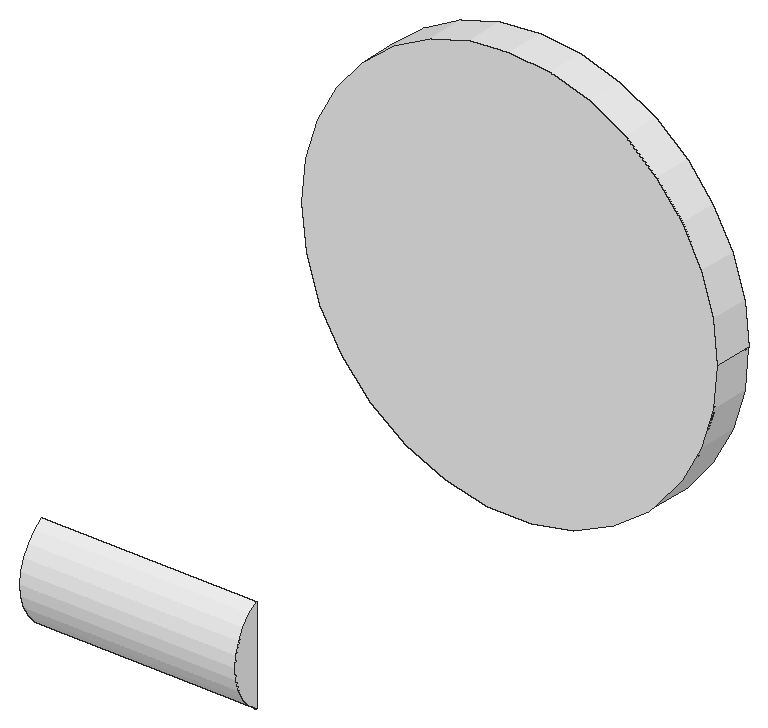
Revit family "Deca_Torneira para jardim e tanque com adaptador de mangueira_Torneira Uso Geral_1153.37", category Plumbing Fixtures, host Face, Revit 2019
Family settings
  Host = Face
  Round Connector Dimension = Use Radius
  Part Type = Normal
  Cut with Voids When Loaded = No
  Shared = No
  Room Calculation Point = No
Parameters (values of type "1153.C37_Cromado")
  Vazão na Pressão mín. (L/min) = "11 l/min"
  Vazão na Pressão máx. (L/min) = "41 l/min"
  URL = "www.deca.com.br"
  Tipo de rosca de saída = "-"
  Tipo de rosca de entrada = "BSP NBR 8133"
  Tipo de mecanismo utilizado = "Mecanismo de Vedação Substituível"
  Tipo de dispositivo economizador = "Não"
  Segmento = "Banheiro Competitivo"
  Saída de Esgoto = "-"
  Raio Água Fria = 7.5 mm  # constant formula
  Pressão mín. funcionamento = "2 MCA"
  Pressão mín. Aquec. Passagem = "-"
  Pressão mín. Aquec. Acúmulo = "-"
  Pressão máx. funcionamento = "40 MCA"
  Peso Líquido (Kg) = 0.416
  Norma = "NBR10281"
  Model = "1153.C37"
  Material = Deca_Cromado
  Manufacturer = "Deca"
  Linha = "Torneira Uso Geral"
  Itens de Instalação = "-"
  Informações Complementares = "-"
  Description = "Torneira para jardim e tanque com adaptador de mangueira"
  Default Elevation = 110 mm
  Diâmetro Água Fria = Raio Água Fria * 2  # 15 mm
  Código Pai = "1153.37"
  Criado por = "quattroD"
  Cores Componente = "-"
  Cor Secundária = "-"
  Cor Principal = "Cromado"
  Cor Interna = "-"
  Consumo = "-"
  Composição Componente = "-"
  Composição Básica = "Liga de Cobre (bronze e latão),Plásticos de Engenharia,Elastômeros"
  Composição Assento = "-"
  Composição Anel Vedação = "-"
  Categoria = "METAIS PARA AREA SERVICO"
  Atendimento ao Cliente = "0800-0117073"
  Aprovado por = "quattroD"
  Acompanha o Produto = "-"
Reference planes
  plane 1 "Center (Front/Back)": y = 0
  plane 2: z = 0
  plane 3 "Center (Left/Right)": x = 0
Forms (mm)
  Extrusion 1, solid, material "Deca_Cromado"
    sketch origin (-44.829, 166.757, -19.789) x (1, 0, 0) y (0, 0, 1)
      loop
        circle (44.829, 74.661) r 11.401
    from 124.973 to 127.056
  Extrusion 2, solid, material "Deca_Cromado"
    sketch origin (0, 0.156, 0) x (0, 1, 0) y (0, 0, 1)
      loop
        arc (7.49, 57.473) -> (5.993, 54.855) -> (7.49, 52.236) r 3.038
        line (7.49, 52.236) -> (7.49, 57.473)
    from 0 to 11.75
Lines and regions (mm)
  Masking region 1
    outline origin (0, 0, 0) x (1, 0, 0) y (0, 1, 0)
      loop
        line (-12, 53.253) -> (-33, 53.253) -> (-33, 42.253) -> (-12, 42.253)
        arc (-12, 42.253) -> (-11.268, 40.485) -> (-9.5, 39.753) r 2.5
        line (-9.5, 39.753) -> (-6.25, 39.753) -> (-6.25, 36.088) -> (-11.1, 36.003) -> (-11.1, 30.153) -> (-12.25, 30.153) -> (-12.25, 23.122)
        arc (-12.25, 23.122) -> (-24.961, -0.074) -> (-9.732, -21.7) r 25
        line (-9.732, -21.7) -> (-9.732, -23.082)
        arc (-9.732, -23.082) -> (-11.981, -24.225) -> (-13.412, -26.304) r 5.123
        arc (-13.412, -26.304) -> (-14.446, -27.245) -> (-14.9, -28.566) r 2.819
        arc (-14.9, -28.566) -> (-15.317, -29.571) -> (-15.46, -30.649) r 4.158
        line (-15.46, -30.649) -> (-15.46, -38.873)
        arc (-15.46, -38.873) -> (-15.053, -40.5) -> (-13.93, -41.746) r 3.462
        arc (-13.93, -41.746) -> (-10.317, -43.625) -> (-6.374, -44.649) r 18.104
        line (-6.374, -44.649) -> (-5.957, -45.735)
        arc (-5.957, -45.735) -> (-6.336, -46.223) -> (-6.381, -46.839) r 1.063
        line (-6.381, -46.839) -> (-5.845, -49.203)
        arc (-5.845, -49.203) -> (-6.325, -49.819) -> (-6.381, -50.598) r 1.344
        line (-6.381, -50.598) -> (-5.827, -53.04)
        arc (-5.827, -53.04) -> (-6.34, -53.64) -> (-6.361, -54.429) r 1.182
        line (-6.361, -54.429) -> (-5.516, -57.028)
        arc (-5.516, -57.028) -> (-5.235, -57.707) -> (-4.556, -57.988) r 0.96
        arc (-4.556, -57.988) -> (0.122, -58.781) -> (4.764, -57.796) r 12.661
        arc (4.764, -57.796) -> (5.297, -57.566) -> (5.516, -57.028) r 0.768
        line (5.516, -57.028) -> (6.361, -54.429)
        arc (6.361, -54.429) -> (6.34, -53.64) -> (5.827, -53.04) r 1.182
        line (5.827, -53.04) -> (6.381, -50.598)
        arc (6.381, -50.598) -> (6.325, -49.819) -> (5.845, -49.203) r 1.344
        line (5.845, -49.203) -> (6.381, -46.839)
        arc (6.381, -46.839) -> (6.336, -46.223) -> (5.957, -45.735) r 1.063
        line (5.957, -45.735) -> (6.345, -44.724)
        arc (6.345, -44.724) -> (10.246, -43.792) -> (13.742, -41.828) r 14.502
        arc (13.742, -41.828) -> (14.929, -40.852) -> (15.313, -39.364) r 2.48
        line (15.313, -39.364) -> (15.46, -30.657)
        arc (15.46, -30.657) -> (15.327, -29.572) -> (14.9, -28.566) r 3.933
        arc (14.9, -28.566) -> (14.446, -27.245) -> (13.412, -26.304) r 2.819
        arc (13.412, -26.304) -> (11.931, -24.283) -> (9.732, -23.082) r 5.756
        line (9.732, -23.082) -> (9.732, -21.7)
        arc (9.732, -21.7) -> (24.961, -0.074) -> (12.25, 23.122) r 25
        line (12.25, 23.122) -> (12.25, 30.153) -> (11.1, 30.153) -> (11.1, 36.062) -> (6.25, 36.062) -> (6.25, 39.753) -> (9.5, 39.753)
        arc (9.5, 39.753) -> (11.268, 40.485) -> (12, 42.253) r 2.5
        line (12, 42.253) -> (33, 42.253) -> (33, 53.253) -> (12, 53.253)
        arc (12, 53.253) -> (11.803, 54.834) -> (10.5, 55.753) r 1.97
        line (10.5, 55.753) -> (8.5, 55.753)
        arc (8.5, 55.753) -> (9, 56.253) -> (8.5, 56.753) r 0.5
        arc (8.5, 56.753) -> (0, 57.302) -> (-8.5, 56.753) r 66
        arc (-8.5, 56.753) -> (-9, 56.253) -> (-8.5, 55.753) r 0.5
        line (-8.5, 55.753) -> (-10.075, 55.753)
        arc (-10.075, 55.753) -> (-11.698, 55.011) -> (-12, 53.253) r 1.909
  Masking region 2
    outline origin (0, 0, 0) x (1, 0, 0) y (0, 0, 1)
      loop
        line (11.788, 10.459) -> (11.788, 49.237) -> (33, 49.237) -> (33, 60.3) -> (11.788, 60.3)
        arc (11.788, 60.3) -> (11.639, 72.024) -> (10.737, 83.713) r 182.097
        arc (10.737, 83.713) -> (15.846, 96.778) -> (8.699, 108.848) r 16.002
        arc (8.699, 108.848) -> (3.112, 111.124) -> (-2.921, 111.097) r 15.518
        arc (-2.921, 111.097) -> (-15.155, 99.782) -> (-10.737, 83.714) r 16.037
        arc (-10.737, 83.714) -> (-11.57, 72.021) -> (-11.788, 60.3) r 223.263
        line (-11.788, 60.3) -> (-33, 60.3) -> (-33, 49.3) -> (-11.8, 49.3) -> (-11.8, 10.459) -> (-13.87, 10.459) -> (-24.052, 6.428)
        arc (-24.052, 6.428) -> (-24.741, 5.876) -> (-25, 5.033) r 1.5
        line (-25, 5.033) -> (-25, 0) -> (25, 0) -> (25, 5.033)
        arc (25, 5.033) -> (24.741, 5.876) -> (24.052, 6.428) r 1.5
        line (24.052, 6.428) -> (13.87, 10.459) -> (11.788, 10.459)
  Masking region 3
    outline origin (0, 0, 0) x (0, 1, 0) y (0, 0, 1)
      loop
        arc (53.253, 42.8) -> (54.888, 42.908) -> (55.753, 44.3) r 1.793
        line (55.753, 44.3) -> (55.753, 46.507)
        arc (55.753, 46.507) -> (56.266, 45.994) -> (56.779, 46.507) r 0.513
        arc (56.779, 46.507) -> (57.302, 54.816) -> (56.775, 63.125) r 66
        arc (56.775, 63.125) -> (56.329, 63.591) -> (55.753, 63.3) r 0.542
        line (55.753, 63.3) -> (55.753, 64.875)
        arc (55.753, 64.875) -> (55.011, 66.498) -> (53.253, 66.8) r 1.909
        line (53.253, 66.8) -> (53.253, 87.8) -> (42.253, 87.8) -> (42.253, 66.8)
        arc (42.253, 66.8) -> (40.485, 66.068) -> (39.753, 64.3) r 2.5
        line (39.753, 64.3) -> (39.753, 61.05) -> (36.253, 61.05) -> (36.253, 66.05)
        arc (36.253, 66.05) -> (35.96, 66.757) -> (35.253, 67.05) r 1
        line (35.253, 67.05) -> (21.229, 67.05) -> (21.229, 65.906) -> (20.329, 65.906) -> (20.329, 67.3)
        arc (20.329, 67.3) -> (14.176, 68.975) -> (10.127, 73.901) r 10.5
        arc (10.127, 73.901) -> (-1.545, 90.161) -> (-19.464, 99.079) r 41.565
        spline (-19.464, 99.079) -> (-19.911, 99.255) -> (-20.332, 99.483) -> (-20.721, 99.761) -> (-21.071, 100.083) -> (-21.376, 100.445) -> (-21.631, 100.839) -> (-21.831, 101.261) -> (-21.974, 101.701) -> (-22.057, 102.154) -> (-22.079, 102.611) -> (-22.038, 103.065) -> (-21.937, 103.508)
        line (-21.937, 103.508) -> (-21.577, 104.445) -> (-23.463, 105.113) -> (-23.112, 106.029)
        arc (-23.112, 106.029) -> (-23.117, 106.537) -> (-23.47, 106.903) r 0.689
        line (-23.47, 106.903) -> (-25.255, 107.553)
        arc (-25.255, 107.553) -> (-25.313, 108.068) -> (-25.759, 108.333) r 0.582
        line (-25.759, 108.333) -> (-33.968, 111.32) -> (-35.353, 110.803) -> (-38.256, 103.239) -> (-42.04, 104.692) -> (-44.772, 104.706) -> (-44.466, 105.503) -> (-48.53, 106.075) -> (-48.225, 106.871) -> (-52.289, 107.443) -> (-51.983, 108.24) -> (-54.92, 108.4) -> (-58.717, 97.97) -> (-56.37, 96.209) -> (-56.086, 97.012) -> (-52.611, 94.841) -> (-52.327, 95.644) -> (-48.852, 93.473) -> (-48.568, 94.276) -> (-46.895, 92.887) -> (-42.527, 91.298) -> (-45.272, 83.552) -> (-44.544, 82.265) -> (-36.32, 79.271)
        arc (-36.32, 79.271) -> (-35.836, 79.262) -> (-35.448, 79.55) r 0.748
        line (-35.448, 79.55) -> (-33.863, 78.974)
        arc (-33.863, 78.974) -> (-33.384, 78.867) -> (-33.021, 79.199) r 0.532
        line (-33.021, 79.199) -> (-32.577, 80.421) -> (-30.601, 79.702)
        arc (-30.601, 79.702) -> (-28.318, 81.613) -> (-25.366, 81.223) r 3.7
        arc (-25.366, 81.223) -> (-18.679, 75.975) -> (-13.432, 69.289) r 35.505
        arc (-13.432, 69.289) -> (-10.85, 62.777) -> (-10.56, 55.778) r 20.947
        line (-10.56, 55.778) -> (-10.56, 10.459) -> (-12.541, 10.459) -> (-22.724, 6.428)
        arc (-22.724, 6.428) -> (-23.412, 5.876) -> (-23.671, 5.033) r 1.5
        line (-23.671, 5.033) -> (-23.671, 0) -> (26.329, 0) -> (26.329, 5.033)
        arc (26.329, 5.033) -> (26.069, 5.876) -> (25.381, 6.428) r 1.5
        line (25.381, 6.428) -> (15.199, 10.459) -> (13.129, 10.459) -> (13.129, 31.676)
        arc (13.129, 31.676) -> (15.114, 37.823) -> (20.323, 41.645) r 10.5
        line (20.323, 41.645) -> (20.323, 44.316) -> (21.229, 44.316) -> (21.229, 42.55) -> (35.253, 42.55)
        arc (35.253, 42.55) -> (35.96, 42.843) -> (36.253, 43.55) r 1
        line (36.253, 43.55) -> (36.253, 48.55) -> (39.753, 48.55) -> (39.753, 45.3)
        arc (39.753, 45.3) -> (40.485, 43.532) -> (42.253, 42.8) r 2.5
        line (42.253, 42.8) -> (42.253, 21.8) -> (53.253, 21.8) -> (53.253, 42.8)
  symbolic lines
    curve 1: line (-12, 53.253, 0) -> (-33, 53.253, 0)
    curve 2: line (-33, 42.253, 0) -> (-12, 42.253, 0)
    curve 3: line (33, 53.253, 0) -> (12, 53.253, 0)
    curve 4: line (12, 42.253, 0) -> (33, 42.253, 0)
    curve 5: line (-10.999, 35.953, 0) -> (10.999, 35.953, 0)
    curve 6: arc (8.325, 56.775, 0) -> (0, 57.302, 0) -> (-8.325, 56.775, 0) r 66
    curve 7: line (11.5, 54.753, 0) -> (-11.5, 54.753, 0)
    curve 8: circle (0, 47.753, 0) r 5.5 normal (0, 0, 1)
    curve 9: line (-6.25, 39.701, 0) -> (-6.25, 36.253, 0)
    curve 10: line (6.25, 36.253, 0) -> (6.25, 39.701, 0)
    curve 11: line (-11.401, 39.701, 0) -> (11.401, 39.701, 0)
    curve 12: arc (9.5, 39.753, 0) -> (10.914, 40.338, 0) -> (11.5, 41.753, 0) r 2
    curve 13: arc (-11.5, 41.753, 0) -> (-10.914, 40.338, 0) -> (-9.5, 39.753, 0) r 2
    curve 14: line (-11.5, 41.753, 0) -> (11.5, 41.753, 0)
    curve 15: arc (-10.5, 55.753, 0) -> (-11.207, 55.46, 0) -> (-11.5, 54.753, 0) r 1
    curve 16: arc (11.5, 54.753, 0) -> (11.207, 55.46, 0) -> (10.5, 55.753, 0) r 1
    curve 17: line (10.075, 55.753, 0) -> (-10.075, 55.753, 0)
    curve 18: line (33, 53.253, 0) -> (33, 42.253, 0)
    curve 19: line (-33, 53.253, 0) -> (-33, 42.253, 0)
    curve 20: line (-10.999, 35.953, 0) -> (-11.1, 30.153, 0)
    curve 21: line (10.999, 35.953, 0) -> (11.1, 30.153, 0)
    curve 22: line (-11.007, 35.453, 0) -> (11.007, 35.453, 0)
    curve 23: line (-6.25, 36.253, 0) -> (6.25, 36.253, 0)
    curve 24: line (12.25, 21.229, 0) -> (12.25, 30.153, 0)
    curve 25: line (-12.25, 30.153, 0) -> (-12.25, 21.229, 0)
    curve 26: line (-12.5, 20.329, 0) -> (12.5, 20.329, 0)
    curve 27: line (-11.754, 21.229, 0) -> (11.754, 21.229, 0)
    curve 28: arc (-12.25, 23.122, 0) -> (-24.959, -0.108, 0) -> (-9.669, -21.726, 0) r 25
    curve 29: arc (9.669, -21.726, 0) -> (24.959, -0.108, 0) -> (12.25, 23.122, 0) r 25
    curve 30: arc (-12.25, 22.028, 0) -> (-24.016, 0.001, 0) -> (-9.895, -20.594, 0) r 24.052
    curve 31: arc (9.78, -20.645, 0) -> (24.012, -0.061, 0) -> (12.25, 22.028, 0) r 24.052
    curve 32: line (-12.5, 20.329, 0) -> (-12.051, 7.49, 0)
    curve 33: line (12.051, 7.49, 0) -> (12.5, 20.329, 0)
    curve 34: spline (-7.108, -35.325, 0) -> (-7.187, -35.339, 0) -> (-7.265, -35.354, 0) -> (-7.343, -35.369, 0) -> (-7.421, -35.384, 0) -> (-7.499, -35.399, 0) -> (-7.576, -35.415, 0) -> (-7.654, -35.43, 0) -> (-7.731, -35.446, 0) -> (-7.807, -35.462, 0) -> (-7.883, -35.478, 0) -> (-7.959, -35.494, 0) -> (-8.035, -35.51, 0)
    curve 35: spline (5.55, -56.819, 0) -> (5.361, -56.327, 0) -> (4.806, -55.869, 0) -> (3.924, -55.476, 0) -> (2.775, -55.175, 0) -> (1.436, -54.985, 0) -> (0, -54.92, 0) -> (-1.436, -54.985, 0) -> (-2.775, -55.175, 0) -> (-3.924, -55.476, 0) -> (-4.806, -55.869, 0) -> (-5.361, -56.327, 0) -> (-5.55, -56.819, 0) -> (-5.361, -57.31, 0) -> (-4.806, -57.768, 0) -> (-3.924, -58.161, 0) -> (-2.775, -58.462, 0) -> (-1.436, -58.652, 0) -> (0, -58.717, 0) -> (1.436, -58.652, 0) -> (2.775, -58.462, 0) -> (3.924, -58.161, 0) -> (4.806, -57.768, 0) -> (5.361, -57.31, 0) -> (5.55, -56.819, 0)
    curve 36: spline (6.361, -54.429, 0) -> (6.308, -53.818, 0) -> (5.763, -53.236, 0) -> (4.769, -52.728, 0) -> (3.402, -52.333, 0) -> (1.77, -52.084, 0) -> (0, -51.998, 0) -> (-1.77, -52.084, 0) -> (-3.402, -52.333, 0) -> (-4.769, -52.728, 0) -> (-5.763, -53.236, 0) -> (-6.308, -53.818, 0) -> (-6.361, -54.429, 0)
    curve 37: spline (6.381, -50.598, 0) -> (6.276, -50, 0) -> (5.7, -49.433, 0) -> (4.697, -48.942, 0) -> (3.342, -48.562, 0) -> (1.736, -48.322, 0) -> (0, -48.24, 0) -> (-1.736, -48.322, 0) -> (-3.342, -48.562, 0) -> (-4.697, -48.942, 0) -> (-5.7, -49.433, 0) -> (-6.276, -50, 0) -> (-6.381, -50.598, 0)
    curve 38: spline (6.381, -46.839, 0) -> (6.276, -46.241, 0) -> (5.7, -45.675, 0) -> (4.697, -45.183, 0) -> (3.342, -44.803, 0) -> (1.736, -44.563, 0) -> (0, -44.481, 0) -> (-1.736, -44.563, 0) -> (-3.342, -44.803, 0) -> (-4.697, -45.183, 0) -> (-5.7, -45.675, 0) -> (-6.276, -46.241, 0) -> (-6.381, -46.839, 0)
    curve 39: spline (6.345, -44.724, 0) -> (6.325, -44.105, 0) -> (5.8, -43.513, 0) -> (4.811, -42.995, 0) -> (3.438, -42.592, 0) -> (1.791, -42.337, 0) -> (0, -42.25, 0) -> (-1.791, -42.337, 0) -> (-3.438, -42.592, 0) -> (-4.811, -42.995, 0) -> (-5.8, -43.513, 0) -> (-6.325, -44.105, 0) -> (-6.345, -44.724, 0)
    curve 40: line (-5.516, -57.028, 0) -> (-6.361, -54.429, 0)
    curve 41: line (5.516, -57.028, 0) -> (6.361, -54.429, 0)
    curve 42: spline (-4.25, -56.819, 0) -> (-4.105, -57.195, 0) -> (-3.681, -57.545, 0) -> (-3.005, -57.846, 0) -> (-2.125, -58.077, 0) -> (-1.1, -58.223, 0) -> (0, -58.272, 0) -> (1.1, -58.223, 0) -> (2.125, -58.077, 0) -> (3.005, -57.846, 0) -> (3.681, -57.545, 0) -> (4.105, -57.195, 0) -> (4.25, -56.819, 0) -> (4.105, -56.442, 0) -> (3.681, -56.092, 0) -> (3.005, -55.791, 0) -> (2.125, -55.56, 0) -> (1.1, -55.414, 0) -> (0, -55.365, 0) -> (-1.1, -55.414, 0) -> (-2.125, -55.56, 0) -> (-3.005, -55.791, 0) -> (-3.681, -56.092, 0) -> (-4.105, -56.442, 0) -> (-4.25, -56.819, 0)
    curve 43: line (5.78, -53.247, 0) -> (6.381, -50.598, 0)
    curve 44: line (-5.78, -53.247, 0) -> (-6.381, -50.598, 0)
    curve 45: line (5.78, -49.489, 0) -> (6.381, -46.839, 0)
    curve 46: line (-5.78, -49.489, 0) -> (-6.381, -46.839, 0)
    curve 47: line (-5.918, -45.836, 0) -> (-6.345, -44.724, 0)
    curve 48: line (5.918, -45.836, 0) -> (6.345, -44.724, 0)
    curve 49: line (-6.4, -40.782, 0) -> (-6.4, -44.439, 0)
    curve 50: line (6.4, -40.782, 0) -> (6.4, -44.439, 0)
    curve 51: spline (6.4, -40.782, 0) -> (6.182, -40.216, 0) -> (5.543, -39.688, 0) -> (4.525, -39.234, 0) -> (3.2, -38.886, 0) -> (1.656, -38.668, 0) -> (0, -38.593, 0) -> (-1.656, -38.668, 0) -> (-3.2, -38.886, 0) -> (-4.525, -39.234, 0) -> (-5.543, -39.688, 0) -> (-6.182, -40.216, 0) -> (-6.4, -40.782, 0)
    curve 52: spline (6.326, -44.775, 0) -> (11.356, -43.396, 0) -> (14.142, -41.407, 0) -> (14.132, -39.202, 0) -> (11.329, -37.217, 0) -> (6.286, -35.843, 0) -> (0, -35.353, 0) -> (-6.286, -35.843, 0) -> (-11.329, -37.217, 0) -> (-14.132, -39.202, 0) -> (-14.142, -41.407, 0) -> (-11.356, -43.396, 0) -> (-6.326, -44.775, 0)
    curve 53: spline (14.9, -28.566, 0) -> (14.392, -27.247, 0) -> (12.904, -26.018, 0) -> (10.536, -24.963, 0) -> (7.45, -24.153, 0) -> (3.856, -23.644, 0) -> (0, -23.47, 0) -> (-3.856, -23.644, 0) -> (-7.45, -24.153, 0) -> (-10.536, -24.963, 0) -> (-12.904, -26.018, 0) -> (-14.392, -27.247, 0) -> (-14.9, -28.566, 0)
    curve 54: spline (13.878, -28.497, 0) -> (12.526, -27.592, 0) -> (10.677, -26.797, 0) -> (8.403, -26.143, 0) -> (5.794, -25.657, 0) -> (2.956, -25.357, 0) -> (0, -25.255, 0) -> (-2.956, -25.357, 0) -> (-5.794, -25.657, 0) -> (-8.403, -26.143, 0) -> (-10.677, -26.797, 0) -> (-12.526, -27.592, 0) -> (-13.878, -28.497, 0)
    curve 55: line (-15.222, -38.107, 0) -> (-15.222, -30.033, 0)
    curve 56: line (-14.818, -29.773, 0) -> (-14.818, -38.324, 0)
    curve 57: line (-15.46, -30.649, 0) -> (-15.46, -38.873, 0)
    curve 58: line (-13.22, -28.444, 0) -> (-13.22, -36.967, 0)
    curve 59: line (-13.948, -28.72, 0) -> (-13.948, -36.943, 0)
    curve 60: line (-12.803, -27.913, 0) -> (-12.829, -36.281, 0)
    curve 61: line (-11.723, -27.564, 0) -> (-11.723, -35.788, 0)
    curve 62: line (-10.935, -27.356, 0) -> (-10.935, -35.91, 0)
    curve 63: line (-10.244, -27.1, 0) -> (-10.14, -35.246, 0)
    curve 64: line (-8.699, -34.868, 0) -> (-8.699, -26.644, 0)
    curve 65: line (-7.904, -26.508, 0) -> (-7.904, -35.059, 0)
    curve 66: line (-6.761, -26.262, 0) -> (-6.761, -34.561, 0)
    curve 67: line (-6.93, -34.808, 0) -> (-7.088, -26.347, 0)
    curve 68: line (-7.904, -26.508, 0) -> (-7.904, -35.059, 0)
    curve 69: line (-6.93, -34.808, 0) -> (-7.088, -26.347, 0)
    curve 70: line (-4.335, -25.957, 0) -> (-4.335, -34.508, 0)
    curve 71: line (-5.082, -26.024, 0) -> (-5.082, -34.21, 0)
    curve 72: line (-3.425, -25.874, 0) -> (-3.425, -34.425, 0)
    curve 73: line (-2.921, -25.826, 0) -> (-2.921, -34.049, 0)
    curve 74: line (-1.119, -25.745, 0) -> (-1.119, -33.968, 0)
    curve 75: line (-0.471, -25.741, 0) -> (-0.471, -34.292, 0)
    curve 76: line (0.471, -25.741, 0) -> (0.471, -34.292, 0)
    curve 77: line (1.119, -25.745, 0) -> (1.119, -33.968, 0)
    curve 78: line (2.921, -25.826, 0) -> (2.921, -33.923, 0)
    curve 79: line (3.425, -25.874, 0) -> (3.425, -34.425, 0)
    curve 80: line (4.335, -25.957, 0) -> (4.335, -34.508, 0)
    curve 81: line (5.082, -26.024, 0) -> (5.082, -34.233, 0)
    curve 82: line (6.761, -26.262, 0) -> (6.761, -34.592, 0)
    curve 83: line (7.089, -35.369, 0) -> (6.93, -26.081, 0)
    curve 84: line (7.904, -26.508, 0) -> (7.904, -35.059, 0)
    curve 85: line (8.212, -26.51, 0) -> (8.212, -34.989, 0)
    curve 86: line (8.699, -26.644, 0) -> (8.699, -34.868, 0)
    curve 87: line (10.244, -27.1, 0) -> (10.14, -35.246, 0)
    curve 88: line (10.935, -27.356, 0) -> (10.935, -35.963, 0)
    curve 89: line (11.723, -27.451, 0) -> (11.723, -35.9, 0)
    curve 90: line (13.22, -28.444, 0) -> (13.22, -37.034, 0)
    curve 91: line (12.829, -27.944, 0) -> (12.829, -36.394, 0)
    curve 92: line (13.678, -28.662, 0) -> (13.678, -36.886, 0)
    curve 93: line (14.818, -29.773, 0) -> (14.818, -38.324, 0)
    curve 94: line (13.948, -28.72, 0) -> (13.948, -36.943, 0)
    curve 95: line (15.313, -39.364, 0) -> (15.46, -30.657, 0)
    curve 96: arc (-13.93, -41.746, 0) -> (-15.053, -40.5, 0) -> (-15.46, -38.873, 0) r 3.462
    curve 97: arc (13.93, -41.746, 0) -> (14.983, -40.764, 0) -> (15.313, -39.364, 0) r 2.48
    curve 98: arc (-15.46, -38.257, 0) -> (-0.064, -33.767, 0) -> (15.332, -38.257, 0) r 28.64
    curve 99: arc (-15.455, -39.057, 0) -> (-0.093, -34.425, 0) -> (15.268, -39.057, 0) r 27.786
    curve 100: arc (-15.46, -30.649, 0) -> (-15.022, -29.314, 0) -> (-13.878, -28.497, 0) r 2.256
    curve 101: arc (13.878, -28.497, 0) -> (15.033, -29.311, 0) -> (15.46, -30.657, 0) r 2.215
    curve 102: spline (13.071, -26.03, 0) -> (12.561, -24.893, 0) -> (11.22, -23.839, 0) -> (9.136, -22.936, 0) -> (6.449, -22.245, 0) -> (3.335, -21.811, 0) -> (0, -21.663, 0) -> (-3.335, -21.811, 0) -> (-6.449, -22.245, 0) -> (-9.136, -22.936, 0) -> (-11.22, -23.839, 0) -> (-12.561, -24.893, 0) -> (-13.071, -26.03, 0)
    curve 103: spline (13.412, -26.304, 0) -> (12.106, -25.429, 0) -> (10.318, -24.661, 0) -> (8.121, -24.029, 0) -> (5.6, -23.559, 0) -> (2.857, -23.269, 0) -> (0, -23.171, 0) -> (-2.857, -23.269, 0) -> (-5.6, -23.559, 0) -> (-8.121, -24.029, 0) -> (-10.318, -24.661, 0) -> (-12.106, -25.429, 0) -> (-13.412, -26.304, 0)
    curve 104: spline (3.088, -19.464, 0) -> (3.088, -19.727, 0) -> (3.095, -19.981, 0) -> (3.108, -20.227, 0) -> (3.128, -20.463, 0) -> (3.155, -20.686, 0) -> (3.188, -20.897, 0) -> (3.227, -21.093, 0) -> (3.273, -21.274, 0) -> (3.324, -21.439, 0) -> (3.38, -21.587, 0) -> (3.442, -21.716, 0) -> (3.508, -21.827, 0)
    curve 105: spline (-3.508, -21.827, 0) -> (-3.44, -21.713, 0) -> (-3.377, -21.58, 0) -> (-3.32, -21.428, 0) -> (-3.268, -21.257, 0) -> (-3.222, -21.07, 0) -> (-3.183, -20.866, 0) -> (-3.15, -20.648, 0) -> (-3.124, -20.417, 0) -> (-3.105, -20.173, 0) -> (-3.092, -19.919, 0) -> (-3.087, -19.656, 0) -> (-3.09, -19.385, 0)
    curve 106: arc (-12.075, 8.154, 0) -> (-13.842, 0.444, 0) -> (-11.107, -6.979, 0) r 13.87
    curve 107: arc (11.107, -6.979, 0) -> (13.842, 0.444, 0) -> (12.075, 8.154, 0) r 13.87
    curve 108: arc (-11.107, -6.979, 0) -> (-11.689, 0.248, 0) -> (-12.051, 7.49, 0) r 239.595
    curve 109: arc (11.107, -6.979, 0) -> (11.689, 0.249, 0) -> (12.051, 7.49, 0) r 239.609
    curve 110: arc (-11.107, -6.979, 0) -> (-10.325, -15.022, 0) -> (-9.732, -23.082, 0) r 344.828
    curve 111: arc (11.107, -6.979, 0) -> (10.386, -15.028, 0) -> (9.732, -23.082, 0) r 980.624
    curve 112: arc (11.869, 3.309, 0) -> (8.745, 7.405, 0) -> (4.14, 9.713, 0) r 11.432
    curve 113: arc (-11.869, 3.309, 0) -> (-8.598, 7.57, 0) -> (-3.673, 9.713, 0) r 10.739
    curve 114: arc (-3.673, 9.713, 0) -> (0.233, 10.134, 0) -> (4.14, 9.713, 0) r 18.307
    curve 115: arc (3.807, 19.521, 0) -> (9.813, 14.848, 0) -> (11.754, 7.489, 0) r 11.888
    curve 116: arc (-3.807, 19.521, 0) -> (-9.908, 14.862, 0) -> (-12.051, 7.49, 0) r 12.283
    curve 117: arc (-3.807, 19.521, 0) -> (0, 20.164, 0) -> (3.807, 19.521, 0) r 11.6
    curve 118: arc (-3.673, 9.713, 0) -> (-3.138, 14.713, 0) -> (-3.673, 19.713, 0) r 23.631
    curve 119: arc (3.807, 19.521, 0) -> (2.984, 14.652, 0) -> (3.807, 9.782, 0) r 14.821
    curve 120: line (0, 20.164, 0) -> (0, 10.133, 0)
    curve 121: arc (-3.673, 9.713, 0) -> (-3.278, -4.728, 0) -> (-3.133, -19.173, 0) r 837.905
    curve 122: arc (3.807, 9.782, 0) -> (3.279, -4.837, 0) -> (3.088, -19.464, 0) r 633.09
    curve 123: line (0, 10.133, 0) -> (0, -21.663, 0)
    curve 124: arc (-9.669, -21.726, 0) -> (0, -19.137, 0) -> (9.669, -21.726, 0) r 19.353
    curve 125: arc (-12, 42.253, 0) -> (-10.5, 47.753, 0) -> (-12, 53.253, 0) r 10.834
    curve 126: line (-11.5, 54.753, 0) -> (-11.5, 53.753, 0)
    curve 127: arc (-11.5, 53.753, 0) -> (-10.044, 47.961, 0) -> (-11.5, 42.169, 0) r 12.244
    curve 128: line (11.5, 53.753, 0) -> (11.5, 54.753, 0)
    curve 129: arc (12, 53.253, 0) -> (10.495, 47.753, 0) -> (12, 42.253, 0) r 10.801
    curve 130: arc (11.5, 53.753, 0) -> (10.062, 47.753, 0) -> (11.5, 41.753, 0) r 13.235
    curve 131: line (8.325, 56.775, 0) -> (-8.325, 56.775, 0)
    curve 132: line (8.5, 56.577, 0) -> (-8.5, 56.577, 0)
    curve 133: line (-33, 0, 60.3) -> (-33, 0, 49.3)
    curve 134: line (-11.225, 0, 60.3) -> (-33, 0, 60.3)
    curve 135: line (-33, 0, 49.3) -> (-11.225, 0, 49.3)
    curve 136: line (-11.8, 0, 10.459) -> (-11.8, 0, 49.3)
    curve 137: line (11.225, 0, 49.3) -> (33, 0, 49.3)
    curve 138: line (33, 0, 60.3) -> (11.225, 0, 60.3)
    curve 139: line (33, 0, 49.3) -> (33, 0, 60.3)
    curve 140: arc (11.401, 0, 54.873) -> (0, 0, 66.274) -> (-11.401, 0, 54.873) r 11.401
    curve 141: arc (-11.401, 0, 54.873) -> (0, 0, 43.472) -> (11.401, 0, 54.873) r 11.401
    curve 142: circle (0, 0, 54.8) r 8.5 normal (0, -1, 0)
    curve 143: circle (0, 0, 54.8) r 10.5 normal (0, -1, 0)
    curve 144: arc (6.8, 0, 44.312) -> (9.351, 0, 46.506) -> (11.225, 0, 49.3) r 12.5
    curve 145: arc (-11.225, 0, 49.3) -> (-9.351, 0, 46.506) -> (-6.8, 0, 44.312) r 12.5
    curve 146: arc (-5.5, 0, 66.025) -> (-8.839, 0, 63.639) -> (-11.225, 0, 60.3) r 12.5
    curve 147: arc (11.225, 0, 60.3) -> (8.839, 0, 63.639) -> (5.5, 0, 66.025) r 12.5
    curve 148: line (-3.731, 0, 21.8) -> (-3.731, 0, 10.459)
    curve 149: line (3.731, 0, 10.459) -> (3.731, 0, 21.8)
    curve 150: line (-5.5, 0, 21.8) -> (5.5, 0, 21.8)
    curve 151: line (5.5, 0, 21.8) -> (5.5, 0, 44.408)
    curve 152: line (-5.5, 0, 44.408) -> (-5.5, 0, 21.8)
    curve 153: line (-24.052, 0, 6.428) -> (-13.87, 0, 10.459)
    curve 154: arc (-24.052, 0, 6.428) -> (-24.741, 0, 5.876) -> (-25, 0, 5.033) r 1.5
    curve 155: line (-25, 0, 0) -> (-25, 0, 5.033)
    curve 156: line (13.87, 0, 10.459) -> (-13.87, 0, 10.459)
    curve 157: line (13.87, 0, 10.459) -> (24.052, 0, 6.428)
    curve 158: arc (25, 0, 5.033) -> (24.741, 0, 5.876) -> (24.052, 0, 6.428) r 1.5
    curve 159: line (25, 0, 5.033) -> (25, 0, 0)
    curve 160: line (-25, 0, 5.033) -> (25, 0, 5.033)
    curve 161: line (24.052, 0, 6.428) -> (-24.052, 0, 6.428)
    curve 162: line (-25, 0, 0) -> (25, 0, 0)
    curve 163: spline (13.053, 0, 92.699) -> (12.452, 0, 95.737) -> (11.063, 0, 98.538) -> (8.975, 0, 100.925) -> (6.318, 0, 102.747) -> (3.262, 0, 103.888) -> (0, 0, 104.277) -> (-3.263, 0, 103.888) -> (-6.319, 0, 102.747) -> (-8.975, 0, 100.925) -> (-11.064, 0, 98.538) -> (-12.452, 0, 95.737) -> (-13.053, 0, 92.699)
    curve 164: spline (10.737, 0, 83.713) -> (13.547, 0, 88.142) -> (14.39, 0, 93.236) -> (13.144, 0, 98.257) -> (9.99, 0, 102.476) -> (5.386, 0, 105.28) -> (0, 0, 106.262) -> (-5.386, 0, 105.28) -> (-9.99, 0, 102.476) -> (-13.144, 0, 98.258) -> (-14.39, 0, 93.236) -> (-13.547, 0, 88.142) -> (-10.737, 0, 83.714)
    curve 165: line (-5.5, 0, 87.8) -> (-5.5, 0, 65.192)
    curve 166: line (5.5, 0, 87.8) -> (-5.5, 0, 87.8)
    curve 167: line (5.5, 0, 65.192) -> (5.5, 0, 87.8)
    curve 168: spline (-3.089, 0, 99.06) -> (-3.091, 0, 99.229) -> (-3.112, 0, 99.454) -> (-3.154, 0, 99.73) -> (-3.216, 0, 100.052) -> (-3.296, 0, 100.414) -> (-3.392, 0, 100.811) -> (-3.504, 0, 101.236) -> (-3.63, 0, 101.681) -> (-3.766, 0, 102.138) -> (-3.912, 0, 102.601) -> (-4.064, 0, 103.06) -> (-4.22, 0, 103.508)
    curve 169: spline (4.22, 0, 103.508) -> (4.065, 0, 103.063) -> (3.914, 0, 102.608) -> (3.77, 0, 102.149) -> (3.634, 0, 101.695) -> (3.509, 0, 101.253) -> (3.397, 0, 100.83) -> (3.3, 0, 100.435) -> (3.22, 0, 100.073) -> (3.158, 0, 99.751) -> (3.115, 0, 99.474) -> (3.092, 0, 99.246) -> (3.088, 0, 99.073)
    curve 170: line (0, 0, 104.277) -> (0, 0, 87.8)
    curve 171: arc (3.089, 0, 99.073) -> (3.327, 0, 93.438) -> (3.503, 0, 87.8) r 510.753
    curve 172: arc (-3.089, 0, 99.06) -> (-3.382, 0, 93.432) -> (-3.551, 0, 87.8) r 255.701
    curve 173: arc (8.617, 0, 94.256) -> (0.002, 0, 99.564) -> (-8.614, 0, 94.256) r 9.646
    curve 174: arc (8.617, 0, 94.256) -> (10.388, 0, 89.128) -> (10.737, 0, 83.713) r 20.296
    curve 175: arc (-8.614, 0, 94.256) -> (-10.385, 0, 89.128) -> (-10.737, 0, 83.714) r 20.324
    curve 176: arc (-10.737, 0, 83.714) -> (-11.57, 0, 72.021) -> (-11.788, 0, 60.3) r 223.263
    curve 177: arc (10.737, 0, 83.713) -> (11.639, 0, 72.024) -> (11.788, 0, 60.3) r 182.097
    curve 178: line (11.788, 0, 10.459) -> (11.788, 0, 49.237)
    curve 179: arc (-6.8, 0, 44.312) -> (0, 0, 42.3) -> (6.8, 0, 44.312) r 12.5
    curve 180: arc (-11.8, 0, 49.3) -> (-10.162, 0, 41.115) -> (-5.5, 0, 34.191) r 21.267
    curve 181: arc (11.788, 0, 49.237) -> (10.153, 0, 41.083) -> (5.5, 0, 34.191) r 21.144
    curve 182: line (0, 0, 21.8) -> (0, 0, 10.459)
    curve 183: arc (-11.225, 0, 60.3) -> (-10.109, 0, 67.111) -> (-5.5, 0, 72.249) r 12.296
    curve 184: arc (11.225, 0, 60.3) -> (10.177, 0, 67.144) -> (5.5, 0, 72.249) r 11.912
    curve 185: arc (11.225, 0, 49.3) -> (12.44, 0, 54.8) -> (11.225, 0, 60.3) r 13.055
    curve 186: arc (-11.225, 0, 60.3) -> (-12.335, 0, 54.8) -> (-11.225, 0, 49.3) r 14.172
    curve 187: arc (-5.5, 0, 66.025) -> (0, 0, 67.3) -> (5.5, 0, 66.025) r 12.5
    curve 188: spline (10.786, 0, 83.242) -> (13.877, 0, 87.804) -> (14.898, 0, 93.126) -> (13.696, 0, 98.415) -> (10.451, 0, 102.881) -> (5.647, 0, 105.859) -> (0, 0, 106.903) -> (-5.647, 0, 105.859) -> (-10.451, 0, 102.881) -> (-13.696, 0, 98.415) -> (-14.898, 0, 93.126) -> (-13.877, 0, 87.804) -> (-10.786, 0, 83.242)
    curve 189: spline (14.9, 0, 93.552) -> (14.392, 0, 97.176) -> (12.904, 0, 100.552) -> (10.536, 0, 103.452) -> (7.45, 0, 105.677) -> (3.856, 0, 107.076) -> (0, 0, 107.553) -> (-3.856, 0, 107.076) -> (-7.45, 0, 105.677) -> (-10.536, 0, 103.452) -> (-12.904, 0, 100.552) -> (-14.392, 0, 97.176) -> (-14.9, 0, 93.552)
    curve 190: arc (-13.053, 0, 92.699) -> (-12.64, 0, 88.691) -> (-10.785, 0, 85.115) r 10.782
    curve 191: arc (13.053, 0, 92.699) -> (12.607, 0, 88.708) -> (10.786, 0, 85.128) r 11.246
    curve 192: line (-7.904, 0, 105.719) -> (-7.904, 0, 108.986)
    curve 193: line (-8.212, 0, 105.715) -> (-8.212, 0, 108.827)
    curve 194: line (-8.699, 0, 105.855) -> (-8.699, 0, 108.848)
    curve 195: line (-10.268, 0, 104.015) -> (-10.268, 0, 107.281)
    curve 196: line (-10.935, 0, 103.389) -> (-10.935, 0, 106.655)
    curve 197: line (-11.723, 0, 103.286) -> (-11.723, 0, 106.364)
    curve 198: line (-13.22, 0, 100.011) -> (-13.22, 0, 103.667)
    curve 199: spline (14.9, 0, 93.552) -> (14.392, 0, 97.176) -> (12.904, 0, 100.552) -> (10.536, 0, 103.452) -> (7.45, 0, 105.677) -> (3.856, 0, 107.076) -> (0, 0, 107.553) -> (-3.856, 0, 107.076) -> (-7.45, 0, 105.677) -> (-10.536, 0, 103.452) -> (-12.904, 0, 100.552) -> (-14.392, 0, 97.176) -> (-14.9, 0, 93.552)
    curve 200: line (-13.948, 0, 99.888) -> (-13.948, 0, 103.146)
    curve 201: spline (-13.948, 0, 103.146) -> (-14.013, 0, 103.017) -> (-14.077, 0, 102.888) -> (-14.14, 0, 102.759) -> (-14.201, 0, 102.629) -> (-14.261, 0, 102.498) -> (-14.32, 0, 102.367) -> (-14.377, 0, 102.235) -> (-14.433, 0, 102.102) -> (-14.488, 0, 101.97) -> (-14.541, 0, 101.836) -> (-14.593, 0, 101.702) -> (-14.643, 0, 101.568)
    curve 202: line (-14.643, 0, 98.575) -> (-14.643, 0, 101.568)
    curve 203: spline (-15.222, 0, 99.537) -> (-15.25, 0, 99.397) -> (-15.277, 0, 99.257) -> (-15.301, 0, 99.116) -> (-15.325, 0, 98.976) -> (-15.347, 0, 98.835) -> (-15.367, 0, 98.694) -> (-15.386, 0, 98.553) -> (-15.404, 0, 98.411) -> (-15.42, 0, 98.27) -> (-15.435, 0, 98.128) -> (-15.448, 0, 97.986) -> (-15.46, 0, 97.844)
    curve 204: line (-12.881, 0, 104.831) -> (-12.829, 0, 101.931)
    curve 205: spline (-11.723, 0, 106.364) -> (-11.819, 0, 106.259) -> (-11.914, 0, 106.152) -> (-12.008, 0, 106.045) -> (-12.101, 0, 105.937) -> (-12.193, 0, 105.828) -> (-12.284, 0, 105.718) -> (-12.373, 0, 105.607) -> (-12.462, 0, 105.496) -> (-12.549, 0, 105.384) -> (-12.636, 0, 105.271) -> (-12.721, 0, 105.157) -> (-12.805, 0, 105.043)
    curve 206: spline (-8.699, 0, 108.848) -> (-8.824, 0, 108.767) -> (-8.948, 0, 108.686) -> (-9.071, 0, 108.603) -> (-9.194, 0, 108.519) -> (-9.315, 0, 108.434) -> (-9.436, 0, 108.348) -> (-9.556, 0, 108.261) -> (-9.674, 0, 108.172) -> (-9.792, 0, 108.083) -> (-9.909, 0, 107.993) -> (-10.025, 0, 107.901) -> (-10.14, 0, 107.808)
    curve 207: spline (-5.082, 0, 110.553) -> (-5.225, 0, 110.505) -> (-5.367, 0, 110.457) -> (-5.509, 0, 110.407) -> (-5.65, 0, 110.356) -> (-5.791, 0, 110.303) -> (-5.932, 0, 110.249) -> (-6.071, 0, 110.194) -> (-6.21, 0, 110.138) -> (-6.349, 0, 110.08) -> (-6.487, 0, 110.021) -> (-6.624, 0, 109.961) -> (-6.761, 0, 109.899)
    curve 208: line (-6.761, 0, 106.906) -> (-6.761, 0, 109.899)
    curve 209: line (-7.088, 0, 106.008) -> (-7.088, 0, 109.428)
    curve 210: spline (-7.088, 0, 109.428) -> (-7.157, 0, 109.393) -> (-7.226, 0, 109.358) -> (-7.295, 0, 109.322) -> (-7.364, 0, 109.286) -> (-7.432, 0, 109.25) -> (-7.5, 0, 109.213) -> (-7.568, 0, 109.176) -> (-7.636, 0, 109.139) -> (-7.703, 0, 109.101) -> (-7.77, 0, 109.063) -> (-7.837, 0, 109.024) -> (-7.904, 0, 108.986)
    curve 211: line (-4.335, 0, 107.234) -> (-4.335, 0, 110.346)
    curve 212: line (-5.082, 0, 107.56) -> (-5.082, 0, 110.553)
    curve 213: spline (-5.053, 0, 107.409) -> (-5.212, 0, 107.356) -> (-5.37, 0, 107.302) -> (-5.528, 0, 107.246) -> (-5.685, 0, 107.188) -> (-5.841, 0, 107.129) -> (-5.996, 0, 107.068) -> (-6.151, 0, 107.006) -> (-6.305, 0, 106.942) -> (-6.459, 0, 106.876) -> (-6.611, 0, 106.809) -> (-6.763, 0, 106.741) -> (-6.914, 0, 106.67)
    curve 214: spline (-8.649, 0, 105.714) -> (-8.774, 0, 105.634) -> (-8.897, 0, 105.553) -> (-9.02, 0, 105.47) -> (-9.141, 0, 105.387) -> (-9.262, 0, 105.302) -> (-9.382, 0, 105.217) -> (-9.501, 0, 105.13) -> (-9.62, 0, 105.042) -> (-9.737, 0, 104.953) -> (-9.853, 0, 104.863) -> (-9.969, 0, 104.772) -> (-10.083, 0, 104.68)
    curve 215: spline (-11.723, 0, 103.286) -> (-11.821, 0, 103.178) -> (-11.919, 0, 103.069) -> (-12.015, 0, 102.959) -> (-12.11, 0, 102.848) -> (-12.204, 0, 102.736) -> (-12.297, 0, 102.624) -> (-12.389, 0, 102.51) -> (-12.479, 0, 102.396) -> (-12.568, 0, 102.281) -> (-12.656, 0, 102.165) -> (-12.743, 0, 102.049) -> (-12.829, 0, 101.931)
    curve 216: spline (-13.948, 0, 99.888) -> (-14.005, 0, 99.773) -> (-14.061, 0, 99.657) -> (-14.116, 0, 99.541) -> (-14.169, 0, 99.424) -> (-14.222, 0, 99.307) -> (-14.274, 0, 99.189) -> (-14.324, 0, 99.071) -> (-14.374, 0, 98.953) -> (-14.422, 0, 98.834) -> (-14.469, 0, 98.715) -> (-14.515, 0, 98.595) -> (-14.56, 0, 98.475)
    curve 217: line (-3.425, 0, 107.463) -> (-3.425, 0, 110.575)
    curve 218: line (-2.921, 0, 108.104) -> (-2.921, 0, 111.097)
    curve 219: spline (-3.275, 0, 110.762) -> (-3.376, 0, 110.74) -> (-3.478, 0, 110.717) -> (-3.579, 0, 110.694) -> (-3.68, 0, 110.671) -> (-3.781, 0, 110.646) -> (-3.882, 0, 110.621) -> (-3.983, 0, 110.596) -> (-4.083, 0, 110.569) -> (-4.184, 0, 110.542) -> (-4.284, 0, 110.515) -> (-4.384, 0, 110.486) -> (-4.483, 0, 110.457)
    curve 220: spline (-1.119, 0, 111.32) -> (-1.27, 0, 111.309) -> (-1.421, 0, 111.297) -> (-1.572, 0, 111.283) -> (-1.722, 0, 111.268) -> (-1.873, 0, 111.251) -> (-2.023, 0, 111.233) -> (-2.173, 0, 111.214) -> (-2.323, 0, 111.193) -> (-2.473, 0, 111.171) -> (-2.622, 0, 111.148) -> (-2.772, 0, 111.123) -> (-2.921, 0, 111.097)
    curve 221: line (-1.119, 0, 108.327) -> (-1.119, 0, 111.32)
    curve 222: line (-0.471, 0, 107.828) -> (-0.471, 0, 110.941)
    curve 223: spline (-1.112, 0, 108.172) -> (-1.263, 0, 108.161) -> (-1.413, 0, 108.149) -> (-1.563, 0, 108.135) -> (-1.713, 0, 108.12) -> (-1.862, 0, 108.103) -> (-2.012, 0, 108.086) -> (-2.161, 0, 108.067) -> (-2.31, 0, 108.046) -> (-2.459, 0, 108.024) -> (-2.608, 0, 108.001) -> (-2.756, 0, 107.976) -> (-2.904, 0, 107.95)
    curve 224: line (0.471, 0, 107.828) -> (0.471, 0, 110.941)
    curve 225: line (1.119, 0, 108.327) -> (1.119, 0, 111.32)
    curve 226: spline (0.626, 0, 111.089) -> (0.521, 0, 111.093) -> (0.417, 0, 111.096) -> (0.313, 0, 111.098) -> (0.209, 0, 111.1) -> (0.104, 0, 111.101) -> (0, 0, 111.102) -> (-0.104, 0, 111.101) -> (-0.209, 0, 111.1) -> (-0.313, 0, 111.098) -> (-0.417, 0, 111.096) -> (-0.521, 0, 111.093) -> (-0.626, 0, 111.089)
    curve 227: spline (2.921, 0, 111.097) -> (2.772, 0, 111.123) -> (2.622, 0, 111.148) -> (2.473, 0, 111.171) -> (2.323, 0, 111.193) -> (2.173, 0, 111.214) -> (2.023, 0, 111.233) -> (1.873, 0, 111.251) -> (1.722, 0, 111.268) -> (1.572, 0, 111.283) -> (1.421, 0, 111.297) -> (1.27, 0, 111.309) -> (1.119, 0, 111.32)
    curve 228: line (2.921, 0, 108.104) -> (2.921, 0, 111.097)
    curve 229: line (3.425, 0, 107.463) -> (3.425, 0, 110.575)
    curve 230: spline (2.904, 0, 107.95) -> (2.756, 0, 107.976) -> (2.608, 0, 108.001) -> (2.459, 0, 108.024) -> (2.31, 0, 108.046) -> (2.161, 0, 108.067) -> (2.012, 0, 108.086) -> (1.862, 0, 108.103) -> (1.713, 0, 108.12) -> (1.563, 0, 108.135) -> (1.413, 0, 108.149) -> (1.263, 0, 108.161) -> (1.112, 0, 108.172)
    curve 231: line (5.082, 0, 107.56) -> (5.082, 0, 110.553)
    curve 232: line (4.335, 0, 107.234) -> (4.335, 0, 110.346)
    curve 233: spline (4.483, 0, 110.457) -> (4.384, 0, 110.486) -> (4.284, 0, 110.515) -> (4.184, 0, 110.542) -> (4.083, 0, 110.569) -> (3.983, 0, 110.596) -> (3.882, 0, 110.621) -> (3.781, 0, 110.646) -> (3.68, 0, 110.671) -> (3.579, 0, 110.694) -> (3.478, 0, 110.717) -> (3.376, 0, 110.74) -> (3.275, 0, 110.762)
    curve 234: spline (6.761, 0, 109.899) -> (6.624, 0, 109.961) -> (6.487, 0, 110.021) -> (6.349, 0, 110.08) -> (6.21, 0, 110.138) -> (6.071, 0, 110.194) -> (5.932, 0, 110.249) -> (5.791, 0, 110.303) -> (5.65, 0, 110.356) -> (5.509, 0, 110.407) -> (5.367, 0, 110.457) -> (5.225, 0, 110.505) -> (5.082, 0, 110.553)
    curve 235: line (7.088, 0, 106.162) -> (7.088, 0, 109.428)
    curve 236: spline (6.723, 0, 106.759) -> (6.587, 0, 106.82) -> (6.45, 0, 106.88) -> (6.313, 0, 106.939) -> (6.175, 0, 106.996) -> (6.037, 0, 107.052) -> (5.898, 0, 107.107) -> (5.758, 0, 107.161) -> (5.618, 0, 107.213) -> (5.478, 0, 107.264) -> (5.337, 0, 107.314) -> (5.195, 0, 107.362) -> (5.053, 0, 107.409)
    curve 237: line (6.761, 0, 106.906) -> (6.761, 0, 109.899)
    curve 238: line (7.904, 0, 105.719) -> (7.904, 0, 108.986)
    curve 239: line (8.212, 0, 105.715) -> (8.212, 0, 108.827)
    curve 240: spline (8.035, 0, 108.909) -> (7.947, 0, 108.961) -> (7.858, 0, 109.012) -> (7.769, 0, 109.063) -> (7.68, 0, 109.114) -> (7.59, 0, 109.164) -> (7.5, 0, 109.213) -> (7.409, 0, 109.262) -> (7.319, 0, 109.31) -> (7.227, 0, 109.357) -> (7.136, 0, 109.404) -> (7.044, 0, 109.451) -> (6.952, 0, 109.496)
    curve 241: spline (10.14, 0, 107.808) -> (10.025, 0, 107.901) -> (9.909, 0, 107.993) -> (9.792, 0, 108.083) -> (9.674, 0, 108.172) -> (9.556, 0, 108.261) -> (9.436, 0, 108.348) -> (9.315, 0, 108.434) -> (9.194, 0, 108.519) -> (9.071, 0, 108.603) -> (8.948, 0, 108.686) -> (8.824, 0, 108.767) -> (8.699, 0, 108.848)
    curve 242: spline (10.268, 0, 104.71) -> (10.144, 0, 104.813) -> (10.018, 0, 104.914) -> (9.891, 0, 105.014) -> (9.763, 0, 105.113) -> (9.633, 0, 105.21) -> (9.503, 0, 105.306) -> (9.372, 0, 105.401) -> (9.239, 0, 105.494) -> (9.106, 0, 105.587) -> (8.971, 0, 105.677) -> (8.835, 0, 105.767) -> (8.699, 0, 105.855)
    curve 243: line (8.699, 0, 108.848) -> (8.699, 0, 105.855)
    curve 244: line (10.268, 0, 104.015) -> (10.268, 0, 107.281)
    curve 245: line (10.935, 0, 103.389) -> (10.935, 0, 106.655)
    curve 246: spline (10.935, 0, 106.655) -> (10.879, 0, 106.711) -> (10.823, 0, 106.766) -> (10.766, 0, 106.821) -> (10.709, 0, 106.876) -> (10.652, 0, 106.93) -> (10.595, 0, 106.984) -> (10.537, 0, 107.038) -> (10.479, 0, 107.091) -> (10.421, 0, 107.145) -> (10.362, 0, 107.197) -> (10.303, 0, 107.25) -> (10.244, 0, 107.302)
    curve 247: spline (12.829, 0, 104.967) -> (12.743, 0, 105.084) -> (12.656, 0, 105.201) -> (12.568, 0, 105.317) -> (12.479, 0, 105.432) -> (12.389, 0, 105.546) -> (12.297, 0, 105.659) -> (12.204, 0, 105.772) -> (12.11, 0, 105.884) -> (12.015, 0, 105.994) -> (11.919, 0, 106.104) -> (11.821, 0, 106.213) -> (11.723, 0, 106.322)
    curve 248: line (11.789, 0, 102.62) -> (11.723, 0, 106.322)
    curve 249: spline (14.643, 0, 101.568) -> (14.593, 0, 101.702) -> (14.541, 0, 101.836) -> (14.488, 0, 101.97) -> (14.433, 0, 102.102) -> (14.377, 0, 102.235) -> (14.32, 0, 102.367) -> (14.261, 0, 102.498) -> (14.201, 0, 102.629) -> (14.14, 0, 102.759) -> (14.077, 0, 102.888) -> (14.013, 0, 103.017) -> (13.948, 0, 103.146)
    curve 250: spline (13.22, 0, 103.667) -> (13.188, 0, 103.721) -> (13.157, 0, 103.775) -> (13.125, 0, 103.83) -> (13.093, 0, 103.884) -> (13.061, 0, 103.937) -> (13.029, 0, 103.991) -> (12.996, 0, 104.045) -> (12.963, 0, 104.098) -> (12.93, 0, 104.151) -> (12.897, 0, 104.204) -> (12.863, 0, 104.257) -> (12.829, 0, 104.31)
    curve 251: spline (12.756, 0, 101.855) -> (12.671, 0, 101.971) -> (12.585, 0, 102.087) -> (12.497, 0, 102.203) -> (12.408, 0, 102.317) -> (12.318, 0, 102.431) -> (12.227, 0, 102.543) -> (12.135, 0, 102.655) -> (12.041, 0, 102.766) -> (11.947, 0, 102.877) -> (11.851, 0, 102.986) -> (11.754, 0, 103.094) -> (11.656, 0, 103.202)
    curve 252: line (11.723, 0, 103.328) -> (11.723, 0, 106.322)
    curve 253: spline (15.46, 0, 97.844) -> (15.448, 0, 97.986) -> (15.435, 0, 98.128) -> (15.42, 0, 98.27) -> (15.404, 0, 98.411) -> (15.386, 0, 98.553) -> (15.367, 0, 98.694) -> (15.347, 0, 98.835) -> (15.325, 0, 98.976) -> (15.301, 0, 99.116) -> (15.277, 0, 99.257) -> (15.25, 0, 99.397) -> (15.222, 0, 99.537)
    curve 254: line (14.643, 0, 98.575) -> (14.643, 0, 101.568)
    curve 255: line (13.948, 0, 100.153) -> (13.948, 0, 103.146)
    curve 256: spline (14.604, 0, 98.356) -> (14.551, 0, 98.5) -> (14.497, 0, 98.643) -> (14.441, 0, 98.786) -> (14.384, 0, 98.928) -> (14.325, 0, 99.07) -> (14.265, 0, 99.211) -> (14.202, 0, 99.351) -> (14.139, 0, 99.491) -> (14.074, 0, 99.63) -> (14.007, 0, 99.769) -> (13.939, 0, 99.907) -> (13.869, 0, 100.044)
    curve 257: line (13.22, 0, 100.401) -> (13.22, 0, 103.667)
    curve 258: line (12.829, 0, 101.974) -> (12.829, 0, 104.967)
    curve 259: line (14.604, 0, 96.959) -> (14.604, 0, 98.356)
    curve 260: spline (15.136, 0, 90.998) -> (15.164, 0, 91.137) -> (15.19, 0, 91.277) -> (15.215, 0, 91.416) -> (15.238, 0, 91.556) -> (15.26, 0, 91.696) -> (15.28, 0, 91.837) -> (15.299, 0, 91.977) -> (15.317, 0, 92.118) -> (15.333, 0, 92.258) -> (15.347, 0, 92.399) -> (15.36, 0, 92.54) -> (15.372, 0, 92.682)
    curve 261: line (15.222, 0, 99.537) -> (15.222, 0, 96.544)
    curve 262: line (15.31, 0, 93.013) -> (15.361, 0, 94.607)
    curve 263: spline (15.372, 0, 94.772) -> (15.36, 0, 94.913) -> (15.347, 0, 95.054) -> (15.333, 0, 95.195) -> (15.317, 0, 95.336) -> (15.299, 0, 95.477) -> (15.28, 0, 95.617) -> (15.26, 0, 95.758) -> (15.238, 0, 95.898) -> (15.215, 0, 96.038) -> (15.19, 0, 96.177) -> (15.164, 0, 96.317) -> (15.136, 0, 96.456)
    curve 264: spline (13.869, 0, 87.41) -> (13.934, 0, 87.537) -> (13.997, 0, 87.666) -> (14.06, 0, 87.795) -> (14.121, 0, 87.924) -> (14.181, 0, 88.054) -> (14.239, 0, 88.185) -> (14.296, 0, 88.316) -> (14.352, 0, 88.447) -> (14.406, 0, 88.579) -> (14.459, 0, 88.712) -> (14.51, 0, 88.845) -> (14.56, 0, 88.979)
    curve 265: line (-14.818, 0, 96.751) -> (-14.818, 0, 99.863)
    curve 266: spline (-15.372, 0, 92.682) -> (-15.36, 0, 92.54) -> (-15.347, 0, 92.399) -> (-15.333, 0, 92.258) -> (-15.317, 0, 92.118) -> (-15.299, 0, 91.977) -> (-15.28, 0, 91.837) -> (-15.26, 0, 91.696) -> (-15.238, 0, 91.556) -> (-15.215, 0, 91.416) -> (-15.19, 0, 91.277) -> (-15.164, 0, 91.137) -> (-15.136, 0, 90.998)
    curve 267: line (-15.46, 0, 94.851) -> (-15.46, 0, 97.844)
    curve 268: line (-15.31, 0, 93.013) -> (-15.361, 0, 94.607)
    curve 269: spline (10.786, 0, 83.242) -> (13.877, 0, 87.804) -> (14.898, 0, 93.126) -> (13.696, 0, 98.415) -> (10.451, 0, 102.881) -> (5.647, 0, 105.859) -> (0, 0, 106.903) -> (-5.647, 0, 105.859) -> (-10.451, 0, 102.881) -> (-13.696, 0, 98.415) -> (-14.898, 0, 93.126) -> (-13.877, 0, 87.804) -> (-10.786, 0, 83.242)
    curve 270: spline (-14.56, 0, 88.979) -> (-14.51, 0, 88.845) -> (-14.459, 0, 88.712) -> (-14.406, 0, 88.579) -> (-14.352, 0, 88.447) -> (-14.296, 0, 88.316) -> (-14.239, 0, 88.185) -> (-14.181, 0, 88.054) -> (-14.121, 0, 87.924) -> (-14.06, 0, 87.795) -> (-13.997, 0, 87.666) -> (-13.934, 0, 87.537) -> (-13.869, 0, 87.41)
    curve 271: line (-10.14, 0, 104.815) -> (-10.14, 0, 107.808)
    curve 272: spline (-10.244, 0, 107.302) -> (-10.303, 0, 107.25) -> (-10.362, 0, 107.197) -> (-10.421, 0, 107.145) -> (-10.479, 0, 107.091) -> (-10.537, 0, 107.038) -> (-10.595, 0, 106.984) -> (-10.652, 0, 106.93) -> (-10.709, 0, 106.876) -> (-10.766, 0, 106.821) -> (-10.823, 0, 106.766) -> (-10.879, 0, 106.711) -> (-10.935, 0, 106.655)
    curve 273: spline (-12.881, 0, 104.229) -> (-12.91, 0, 104.183) -> (-12.939, 0, 104.137) -> (-12.968, 0, 104.09) -> (-12.997, 0, 104.044) -> (-13.025, 0, 103.997) -> (-13.054, 0, 103.95) -> (-13.082, 0, 103.903) -> (-13.11, 0, 103.856) -> (-13.137, 0, 103.809) -> (-13.165, 0, 103.762) -> (-13.192, 0, 103.714) -> (-13.22, 0, 103.667)
    curve 274: line (-25, 0, 0) -> (25, 0, 0)
    curve 275: arc (0, 56.775, 63.125) -> (0, 57.302, 54.8) -> (0, 56.775, 46.475) r 66
    curve 276: line (0, 53.253, 87.8) -> (0, 53.253, 66.8)
    curve 277: line (0, 53.253, 42.8) -> (0, 53.253, 21.8)
    curve 278: line (0, 42.253, 21.8) -> (0, 42.253, 42.8)
    curve 279: line (0, 42.253, 66.8) -> (0, 42.253, 87.8)
    curve 280: line (0, 53.253, 87.8) -> (0, 42.253, 87.8)
    curve 281: line (0, 53.253, 21.8) -> (0, 42.253, 21.8)
    curve 282: arc (0, 55.753, 44.3) -> (0, 55.46, 43.593) -> (0, 54.753, 43.3) r 1
    curve 283: arc (0, 54.753, 66.3) -> (0, 55.46, 66.007) -> (0, 55.753, 65.3) r 1
    curve 284: line (0, 55.753, 63.3) -> (0, 56.577, 63.3)
    curve 285: line (0, 56.577, 46.3) -> (0, 55.753, 46.3)
    curve 286: line (0, 55.753, 44.725) -> (0, 55.753, 64.875)
    curve 287: line (0, 56.577, 63.3) -> (0, 56.577, 46.3)
    curve 288: line (0, 54.753, 66.3) -> (0, 54.753, 43.3)
    curve 289: line (0, 54.753, 43.3) -> (0, 53.753, 43.3)
    curve 290: line (0, 53.752, 66.3) -> (0, 54.753, 66.3)
    curve 291: circle (0, 47.753, 54.8) r 5.5 normal (-1, 0, 0)
    curve 292: line (0, 41.785, 43.472) -> (0, 41.785, 66.3)
    curve 293: line (0, 39.701, 66.274) -> (0, 39.701, 43.472)
    curve 294: arc (0, 39.753, 64.3) -> (0, 40.35, 65.725) -> (0, 41.785, 66.3) r 2
    curve 295: arc (0, 41.753, 43.3) -> (0, 40.338, 43.886) -> (0, 39.753, 45.3) r 2
    curve 296: line (0, 35.453, 42.55) -> (0, 35.453, 49.424)
    curve 297: line (0, 39.753, 48.55) -> (0, 36.253, 48.55)
    curve 298: line (0, 36.253, 61.05) -> (0, 39.753, 61.05)
    curve 299: line (0, 35.953, 66.55) -> (0, 35.953, 43.05)
    curve 300: spline (0, 35.453, 49.424) -> (0, 35.003, 49.44) -> (0, 34.556, 49.457) -> (0, 34.109, 49.473) -> (0, 33.664, 49.489) -> (0, 33.221, 49.505) -> (0, 32.778, 49.521) -> (0, 32.337, 49.537) -> (0, 31.898, 49.553) -> (0, 31.459, 49.569) -> (0, 31.022, 49.586) -> (0, 30.587, 49.602) -> (0, 30.153, 49.618)
    curve 301: line (0, 30.153, 49.618) -> (0, 30.153, 59.982)
    curve 302: spline (0, 30.153, 59.982) -> (0, 30.587, 59.998) -> (0, 31.022, 60.014) -> (0, 31.459, 60.031) -> (0, 31.898, 60.047) -> (0, 32.337, 60.063) -> (0, 32.778, 60.079) -> (0, 33.221, 60.095) -> (0, 33.664, 60.111) -> (0, 34.109, 60.127) -> (0, 34.556, 60.143) -> (0, 35.003, 60.16) -> (0, 35.453, 60.176)
    curve 303: line (0, 35.453, 60.176) -> (0, 35.453, 67.05)
    curve 304: line (0, 35.453, 67.05) -> (0, 21.229, 67.05)
    curve 305: line (0, 21.229, 42.55) -> (0, 35.453, 42.55)
    curve 306: line (0, 21.229, 66.554) -> (0, 21.229, 43.046)
    curve 307: line (0, 20.329, 67.3) -> (0, 20.329, 41.647)
    curve 308: line (0, 36.253, 48.55) -> (0, 36.253, 61.05)
    curve 309: line (0, 13.129, 10.459) -> (0, 13.129, 31.676)
    curve 310: line (0, 25.381, 6.428) -> (0, 15.199, 10.459)
    curve 311: line (0, 26.329, 0) -> (0, 26.329, 5.033)
    curve 312: arc (0, 25.381, 6.428) -> (0, 26.069, 5.876) -> (0, 26.329, 5.033) r 1.5
    curve 313: line (0, 26.329, 5.033) -> (0, -23.671, 5.033)
    curve 314: line (0, -22.724, 6.428) -> (0, 25.381, 6.428)
    curve 315: line (0, -23.671, 5.033) -> (0, -23.671, 0)
    curve 316: arc (0, -23.671, 5.033) -> (0, -23.412, 5.876) -> (0, -22.724, 6.428) r 1.5
    curve 317: line (0, -12.541, 10.459) -> (0, -22.724, 6.428)
    curve 318: line (0, 15.199, 10.459) -> (0, -12.541, 10.459)
    curve 319: line (0, 12.523, 10.459) -> (0, 12.523, 32.816)
    curve 320: arc (0, 13.129, 31.676) -> (0, 15.116, 37.826) -> (0, 20.329, 41.647) r 10.5
    curve 321: arc (0, 12.523, 32.816) -> (0, 15.099, 38.663) -> (0, 20.329, 42.333) r 11.895
    curve 322: arc (0, 20.329, 67.3) -> (0, 14.176, 68.975) -> (0, 10.127, 73.901) r 10.5
    curve 323: line (0, -38.593, 103.362) -> (0, -42.25, 104.693)
    curve 324: line (0, -46.627, 92.665) -> (0, -42.971, 91.334)
    curve 325: line (0, -42.25, 104.693) -> (0, -46.627, 92.665)
    curve 326: line (0, -44.569, 105.262) -> (0, -48.77, 93.72)
    curve 327: line (0, -46.627, 92.665) -> (0, -48.568, 94.276)
    curve 328: line (0, -44.772, 104.706) -> (0, -42.25, 104.693)
    curve 329: line (0, -44.481, 105.505) -> (0, -48.53, 106.075)
    curve 330: line (0, -52.327, 95.644) -> (0, -48.859, 93.477)
    curve 331: line (0, -48.328, 106.63) -> (0, -52.529, 95.088)
    curve 332: line (0, -48.24, 106.873) -> (0, -52.289, 107.443)
    curve 333: line (0, -56.086, 97.012) -> (0, -52.618, 94.845)
    curve 334: line (0, -52.087, 107.998) -> (0, -56.288, 96.457)
    curve 335: line (0, -51.998, 108.241) -> (0, -54.92, 108.4)
    curve 336: line (0, -58.717, 97.97) -> (0, -56.376, 96.213)
    curve 337: line (0, -54.92, 108.4) -> (0, -58.717, 97.97)
    curve 338: line (0, -21.663, 104.277) -> (0, -25.877, 92.699)
    curve 339: line (0, -23.171, 106.262) -> (0, -33.021, 79.199)
    curve 340: arc (0, -30.601, 79.702) -> (0, -28.318, 81.613) -> (0, -25.366, 81.223) r 3.7
    curve 341: spline (0, -19.464, 99.079) -> (0, -19.911, 99.255) -> (0, -20.332, 99.483) -> (0, -20.721, 99.761) -> (0, -21.071, 100.083) -> (0, -21.376, 100.445) -> (0, -21.631, 100.839) -> (0, -21.831, 101.261) -> (0, -21.974, 101.701) -> (0, -22.057, 102.154) -> (0, -22.079, 102.611) -> (0, -22.038, 103.065) -> (0, -21.937, 103.508)
